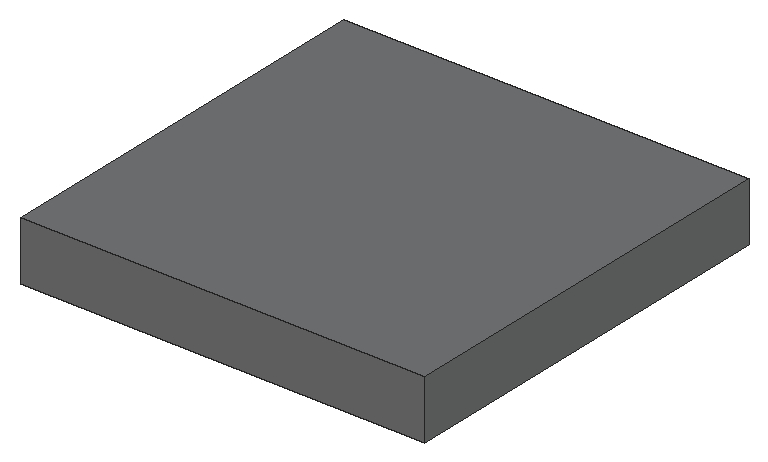
Revit family "Gira_536026", category Electrical Fixtures, host Face, Revit 2017
Family settings
  Host = Face
  Maintain Annotation Orientation = No
  Round Connector Dimension = Use Diameter
  Part Type = Normal
  Cut with Voids When Loaded = No
  Shared = No
  Room Calculation Point = No
Parameters (values of type "S3000 op.top System 55 c.alum.")
  With LED indication = "No"
  URL = "http://katalog.gira.de/en/datenblatt.html?artikelnr=536026"
  Transparent = "No"
  Suitable for application with venetian shutter switch = "Yes"
  Suitable for application with switch = "No"
  Suitable for application with dimmer = "No"
  Number of actuation points = "2"
  Name = "S3000 op.top System 55 c.alum."
  Manufacturer URL = "https://www.gira.de/"
  Manufacturer = "Gira"
  Keynote = ""
  HeinzeBIM = "https://bimportal.heinze.de/bim/s3000-op-top-system-55-c-alum-/fbb5f01cd490e9a3fc4118084923bdf1e388a0b2"
  HAN = "536026"
  GTIN = "4010337027225"
  Description = "S3000 op.top Sys55 CAl,System 3000 operating top unit,,colour aluminium,"
  Default Elevation = 1219.2 mm
  Data sheet (1) = "https://katalog.gira.de/en/download.html?artikelnr=536026"
  Category = "Intelligent control element"
  BIM (1) = "https://media.stage.bim.site/public/gira/36a6b08/Sys55_Abdeckung_Schalten und Tasten.rfa?public/gira/36a6b08/Sys55_Abdeckung_Schalten und Tasten.rfa"
  Available = "No"
  Application = "Control of electrical users"
  Anthrazit [instance] = Anthrazit
Reference planes
  plane 1 "Center (Front/Back)": y = 0
  plane 2: z = 0
  plane 3 "Center (Left/Right)": x = 0
Forms (mm)
  Extrusion 1, solid, material "Anthrazit" <- "Anthrazit", detail levels fine
    sketch origin (0, 0, 0) x (1, 0, 0) y (0, 1, 0)
      loop
        line (-27.5, 27.5) -> (-27.5, -27.5) -> (27.5, -27.5) -> (27.5, 27.5) -> (-27.5, 27.5)
    from 0 to 8
  Extrusion 2, void
    sketch origin (0, 0, 0) x (1, 0, 0) y (0, 1, 0)
      loop
        line (26, 26) -> (-26, 26) -> (-26, -26) -> (26, -26) -> (26, 26)
    from 0 to 6
  Extrusion 3, solid, material "Anthrazit" <- "Anthrazit", detail levels medium
    sketch origin (0, 0, 0) x (1, 0, 0) y (0, 1, 0)
      loop
        line (-27.5, 27.5) -> (-27.5, -27.5) -> (27.5, -27.5) -> (27.5, 27.5) -> (-27.5, 27.5)
    from 0 to 8
  Extrusion 4, solid, material "Anthrazit" <- "Anthrazit", detail levels medium
    sketch origin (0, 0, 0) x (1, 0, 0) y (0, 1, 0)
      loop
        line (11, -17.5) -> (11, 17.5) -> (-11, 17.5) -> (-11, -17.5) -> (11, -17.5)
    from -6 to 6
  Extrusion 5, solid, material "Anthrazit" <- "Anthrazit", detail levels fine
    sketch origin (0, 0, 0) x (1, 0, 0) y (0, 1, 0)
      loop
        line (11, 17.5) -> (-11, 17.5) -> (-11, 16.5) -> (11, 16.5) -> (11, 17.5)
      loop
        line (-11, -16.5) -> (-11, -17.5) -> (11, -17.5) -> (11, -16.5) -> (-11, -16.5)
    from -4 to 6
  Extrusion 6, solid, material "Anthrazit" <- "Anthrazit", detail levels fine
    sketch origin (0, 0, 0) x (1, 0, 0) y (0, 1, 0)
      loop
        arc (5, 9.347) -> (0, 10.6) -> (-5, 9.347) r 10.6
        line (-5, 9.347) -> (-5, -9.347)
        arc (-5, -9.347) -> (0, -10.6) -> (5, -9.347) r 10.6
        line (5, -9.347) -> (5, 9.347)
    from -6 to 6
  Extrusion 7, solid, material "Anthrazit" <- "Anthrazit", detail levels coarse
    sketch origin (0, 0, 0) x (1, 0, 0) y (0, 1, 0)
      loop
        line (-27.5, 27.5) -> (-27.5, -27.5) -> (27.5, -27.5) -> (27.5, 27.5) -> (-27.5, 27.5)
    from -6 to 8
Cuts and joins
  Extrusion 2 cuts Extrusion 1
Dimensions and locks
  aligned and locked: plane 2 to host face
  aligned and locked: level to host face
